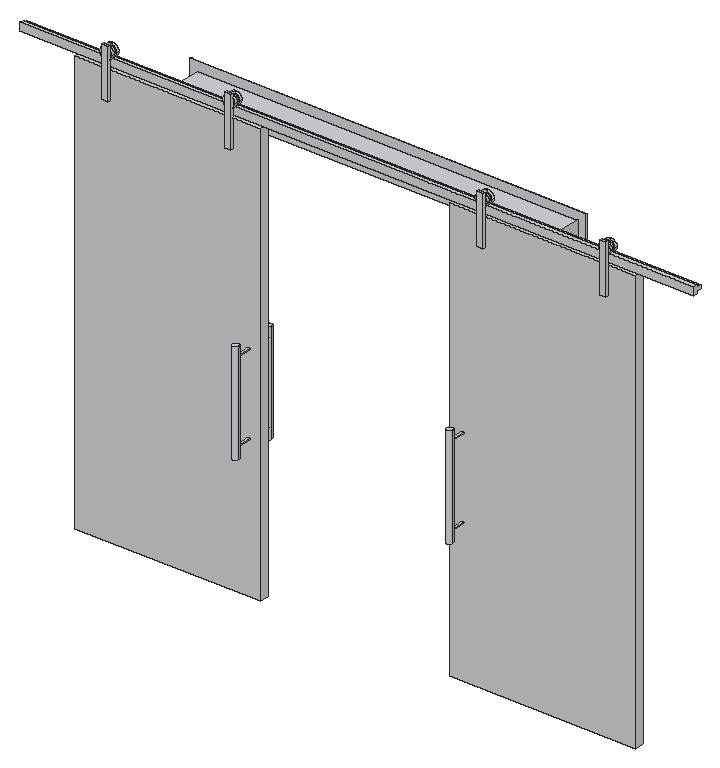
Revit family "Porta de correr com revestimento - 2 Painéis com trilho de aço inoxidável", category Portas, Revit 2019
Family settings
  Hospedeiro = Parede
  Número OmniClass = 23.30.10.00
  Título OmniClass = Doors
  Sempre na vertical = Sim
  Corte com vazios quando carregada = Não
  Compartilhado = Não
  Ponto de cálculo do ambiente = Não
Parameters (values of type "920 x 2100mm")
  Visual Light Transmittance = 0
  Largura da apara = 70 mm
  Espessura da apara = 10 mm
  Solar Heat Gain Coefficient = 0
  Comprimento da peça deslizante = Largura + Largura do painel * 2 + 90 mm  # 3810 mm
  Material da apara = none
  Espessura = 45 mm
  Largura bruta = Largura - 80 mm  # 1800 mm
  Rough Height = Height  # 2100 mm
  Material da peça deslizante = none
  Largura do painel = (Largura - 40 mm) / 2  # 920 mm
  Material do painel = none
  ID do tipo de construção = ""
  Coeficiente de transferência de calor (U) = 3.7021 W/(m²·K)
  Material do puxador = none
  Função = Interior
  Height = 2100 mm
  Fechamento da parede = Por hospedeiro
  Largura = 1880 mm
  Largura da estrutura = 50 mm
  Material da moldura = none
  Largura estendida = Largura do painel - 190 mm  # 730 mm
  Construction Type = ""
  Analytic Construction = (empty or 0)
Types (5, lengths in mm): name | Comprimento da peça deslizante | Largura bruta | Largura do painel | Largura | Largura estendida
  (no name) | 3810 | 1800 | 920 | 1880 | 730
  620 x 2100mm | 2610 | 1200 | 620 | 1280 | 430
  720 x 2100mm | 3010 | 1400 | 720 | 1480 | 530
  820 x 2100mm | 3410 | 1600 | 820 | 1680 | 630
  920 x 2100mm | 3810 | 1800 | 920 | 1880 | 730
Reference planes
  plane 1 "Centro (Frente/Trás)": y = 0
  plane 2 "Centro (Esquerda/Direita)": x = 0
  plane 3 "Esquerda": x = -940
  plane 4 "Direita": x = 940
  plane 5: z = 2100
  plane 6 "Exterior": y = 75
  plane 7 "Interior": y = -75
  plane 8: z = 0
  plane 9: z = 1050
  plane 10: y = -80
  plane 11: y = -125
  plane 12: z = 2150
  plane 13: x = -890
  plane 14: x = 1670
  plane 15: x = 2375
  plane 16: x = -470
  plane 17: x = 470
  plane 18: x = 1390
  plane 19: x = 610
  plane 20: x = 1250
  plane 21: x = -1390
  plane 22: x = -1670
  plane 23: x = -610
  plane 24: x = -1250
  plane 25: z = 2150
  plane 26: y = -105
  plane 27: z = 2165
  plane 28: y = -105
  plane 29: x = -530
  plane 30: x = 530
  plane 31: z = 900
  plane 32: x = -930
  plane 33: x = -792.5
  plane 34: x = -1067.5
  plane 35: through (-1067.5, -300, 1050) normal (-0.5, 0, 0.866)
  plane 36: through (-1067.5, -300, 1050) normal (0.5, 0, 0.866)
  plane 37: x = 930
  plane 38: x = 792.5
  plane 39: x = 1067.5
  plane 40: through (1067.5, -300, 1050) normal (-0.5, 0, -0.866)
  plane 41: through (1067.5, -300, 1050) normal (0.5, 0, -0.866)
Forms (mm)
  Sweep 1, solid, material <- "Material da moldura", detail levels medium+fine
    path origin (0, -75, 0) x (1, 0, 0) y (0, 0, 1)
      loop
        line (-940, 0) -> (-940, 2100) -> (940, 2100) -> (940, 0)
    profile origin (-940, -75, 1050) x (-1, 0, 0) y (0, -1, 0)
      loop
        line (0, -150) -> (0, 0) -> (-50, 0) -> (-50, -150) -> (0, -150)
  Sweep 2, solid, material <- "Material da apara"
    path origin (-1150, -75, 0) x (1, 0, 0) y (0, 0, 1)
      loop
        line (-520, 2145) -> (2820, 2145)
    profile origin (0, -75, 2145) x (0, 0, 1) y (0, -1, 0)
      loop
        line (0, 40) -> (-40, 40) -> (-40, 20) -> (-30, 20) -> (-30, 0) -> (-10, 0) -> (-10, 20) -> (0, 20) -> (0, 40)
  Extrusion 3, solid, material <- "Material do painel"
    sketch origin (0, 0, 0) x (1, 0, 0) y (0, 1, 0)
      loop
        line (470, -125) -> (1390, -125) -> (1390, -80) -> (470, -80) -> (470, -125)
    from 0 to 2100
  Extrusion 4, solid, material <- "Material do painel"
    sketch origin (0, 0, 0) x (1, 0, 0) y (0, 1, 0)
      loop
        line (-1390, -80) -> (-1390, -125) -> (-470, -125) -> (-470, -80) -> (-1390, -80)
    from 0 to 2100
  Sweep 5, solid, material <- "Material da apara", detail levels fine
    path origin (0, 75, 0) x (1, 0, 0) y (0, 0, 1)
      loop
        line (-940, 0) -> (-940, 2100) -> (940, 2100) -> (940, 0)
    profile "Perfil da apara : Perfil da apara" origin (940, 75, 1050) x (1, 0, 0) y (0, -1, 0)
      loop
        line (43, 0) -> (-27, 0) -> (-27, -10) -> (37, -10) -> (43, -4) -> (43, 0)
Lines and regions (mm)
  Opening 1
    outline origin (-3050, -75, 0) x (1, 0, 0) y (0, 0, 1)
      loop
        line (2110, 0) -> (3990, 0) -> (3990, 2100) -> (2110, 2100) -> (2110, 0)
  symbolic lines, style "Giro da elevação"
    curve 1: line (1390, -75, 2100) -> (470, -75, 0)
    curve 2: line (1390, -75, 0) -> (470, -75, 2100)
    curve 3: line (-470, -75, 2100) -> (-1390, -75, 0)
    curve 4: line (-470, -75, 0) -> (-1390, -75, 2100)
  symbolic lines, style "Seta"
    curve 5: line (-1067.5, -75, 1050) -> (-792.5, -75, 1050)
    curve 6: line (-1067.5, -75, 1050) -> (-989.558, -75, 1095)
    curve 7: line (-1067.5, -75, 1050) -> (-989.558, -75, 1005)
    curve 8: line (1067.5, -75, 1050) -> (792.5, -75, 1050)
    curve 9: line (1067.5, -75, 1050) -> (989.558, -75, 1095)
    curve 10: line (1067.5, -75, 1050) -> (989.558, -75, 1005)
  symbolic lines, style "Recortar", detail levels fine
    curve 11: line (0, -97.772, 2142.043) -> (0, -112.772, 2142.043)
    curve 12: line (0, -97.772, 2108.367) -> (0, -97.772, 2142.043)
    curve 13: line (0, -112.772, 2108.367) -> (0, -97.772, 2108.367)
    curve 14: line (0, -112.772, 2142.043) -> (0, -112.772, 2108.367)
    curve 15: line (0, -112.772, 2142.043) -> (0, -97.772, 2108.367)
    curve 16: line (0, -97.772, 2142.043) -> (0, -112.772, 2108.367)
Text (mm)
  text "Externo" at (-2295.016, 1099.543, 0), in view "Nível de referência"
  text "Externo" at (0, 1615.38, 3698.081), in view "Esquerda"
  text "Externo" at (0, 1036.032, 3874.932), in view "Direita"
Dimensions and locks
  equal spacing: plane 3 "Esquerda", plane 2 "Centro (Esquerda/Direita)", plane 4 "Direita"
  "Largura": plane 3 "Esquerda" to plane 4 "Direita"
  "Height": plane 5 to host wall
  host wall to plane 5 = 2100 mm  (x2)
  locked: plane 6 "Exterior" to host wall at 0
  locked: plane 7 "Interior" to host wall
  equal spacing: level, plane 9, plane 5
  locked: plane 7 "Interior" to plane 10 at 5
  "Espessura": plane 10 to plane 11
  locked: plane 12 to plane 5 at 50
  "Largura da estrutura": plane 3 "Esquerda" to plane 13
  plane 5 to plane 12 = 50 mm
  "Largura estendida": plane 4 "Direita" to plane 14
  "Largura do painel": plane 17 to plane 18
  locked: plane 19 to plane 17 at 140
  locked: plane 18 to plane 20 at 140
  "Largura do painel": plane 21 to plane 16
  equal spacing: plane 3 "Esquerda", plane 16, plane 2 "Centro (Esquerda/Direita)"
  equal spacing: plane 2 "Centro (Esquerda/Direita)", plane 17, plane 4 "Direita"
  "Largura estendida": plane 22 to plane 3 "Esquerda"
  locked: plane 16 to plane 23 at 140
  locked: plane 24 to plane 21 at 140
  locked: plane 26 to plane 11 at 20
  locked: plane 27 to plane 5 at 65
  locked: plane 28 to plane 11 at 20
  locked: plane 29 to plane 16 at 60
  locked: plane 17 to plane 30 at 60
  locked: plane 8 to plane 31 at 900
  equal spacing: plane 16, plane 32, plane 21
  locked: plane 34 to plane 33 at 275
  equal spacing: plane 34, plane 32, plane 33
  locked: curve 6 to curve 6 at 90
  locked: curve 7 to curve 7 at 90
  equal spacing: plane 17, plane 37, plane 18
  locked: plane 39 to plane 38 at 275
  equal spacing: plane 39, plane 37, plane 38
  locked: curve 9 to curve 9 at 90
  locked: curve 10 to curve 10 at 90
  locked: plane 9 to plane 35 (angle 30.00°)
  locked: plane 36 to plane 9 (angle 30.00°)
  locked: plane 40 to plane 9 (angle 30.00°)
  locked: plane 9 to plane 41 (angle 30.00°)
  aligned and locked: plane 3 "Esquerda" to Opening 1 sketch curve
  aligned and locked: plane 5 to Opening 1 sketch curve  (x2)
  aligned and locked: Opening 1 sketch curve to plane 4 "Direita"
  aligned and locked: Opening 1 sketch curve to level
  aligned and locked: plane 1 "Centro (Frente/Trás)" to host wall
  aligned and locked: level to plane 8
  aligned and locked: Sweep 1 sketch curve to plane 3 "Esquerda"
  aligned and locked: plane 4 "Direita" to Sweep 1 sketch curve
  aligned and locked: Sweep 1 sketch curve to plane 13
  aligned and locked: plane 6 "Exterior" to Sweep 1 sketch curve
  aligned and locked: Sweep 1 sketch curve to plane 7 "Interior"
  aligned and locked: Extrusion 3 to plane 17
  aligned and locked: plane 18 to Extrusion 3
  aligned and locked: Extrusion 3 to plane 10
  aligned and locked: Extrusion 3 to plane 11
  aligned and locked: Extrusion 3 to plane 5
  aligned and locked: level to curve 1
  aligned and locked: plane 17 to curve 1
  aligned and locked: level to curve 2
  aligned and locked: plane 18 to curve 2
  aligned and locked: plane 18 to curve 1
  aligned and locked: plane 5 to curve 1
  aligned and locked: plane 17 to curve 2
  aligned and locked: plane 5 to curve 2
  aligned and locked: nested 1 to plane 19
  aligned and locked: nested 2 to plane 20
  aligned and locked: Extrusion 4 sketch curve to plane 10
  aligned and locked: plane 11 to Extrusion 4 sketch curve
  aligned and locked: Extrusion 4 sketch curve to plane 16
  aligned and locked: plane 21 to Extrusion 4 sketch curve
  aligned and locked: Extrusion 4 to plane 5
  aligned and locked: level to curve 3
  aligned and locked: plane 21 to curve 3
  aligned and locked: level to curve 4
  aligned and locked: plane 16 to curve 4
  aligned and locked: plane 16 to curve 3
  aligned and locked: plane 5 to curve 3
  aligned and locked: plane 5 to curve 4
  aligned and locked: plane 21 to curve 4
  aligned and locked: Extrusion 4 to plane 11
  aligned and locked: plane 10 to Extrusion 4
  aligned and locked: plane 14 to Sweep 2
  aligned and locked: plane 22 to Sweep 2 sketch curve
  aligned and locked: plane 14 to Sweep 2 sketch curve
  aligned and locked: plane 23 to nested 3
  aligned and locked: nested 4 to plane 24
  aligned and locked: plane 25 to plane 12
  aligned and locked: plane 27 to nested 4
  aligned and locked: plane 27 to nested 3
  aligned and locked: plane 27 to nested 1
  aligned and locked: plane 27 to nested 2
  aligned and locked: plane 11 to nested 4
  aligned and locked: nested 4 to Sweep 2
  aligned and locked: plane 11 to nested 3
  aligned and locked: nested 3 to Sweep 2
  aligned and locked: plane 11 to nested 1
  aligned and locked: nested 1 to Sweep 2
  aligned and locked: plane 11 to nested 2
  aligned and locked: nested 2 to Sweep 2
  aligned and locked: nested 4 to Sweep 2 sketch curve
  aligned and locked: Sweep 2 sketch curve to nested 4  (x2)
  aligned and locked: Sweep 1 sketch curve to plane 5
  aligned and locked: plane 29 to nested 5
  aligned and locked: plane 11 to nested 5
  aligned and locked: plane 30 to nested 6
  aligned and locked: plane 11 to nested 6
  aligned and locked: plane 31 to nested 6
  aligned and locked: plane 31 to nested 5
  aligned and locked: curve 6 to plane 35
  aligned and locked: plane 36 to curve 7
  aligned and locked: plane 40 to curve 9
  aligned and locked: curve 10 to plane 41
  aligned and locked: plane 4 "Direita" to Sweep 5 sketch curve
  aligned and locked: plane 5 to Sweep 5 sketch curve
  aligned and locked: plane 3 "Esquerda" to Sweep 5 sketch curve
Automatic sketch dimensions
  Sweep 1 sketch curve to level = 0 mm  (x2)
  Sweep 1 sketch curve to profile plane = 0 mm
  Sweep 2 sketch curve to plane 12 = 5 mm
  Sweep 2 sketch curve to plane 7 "Interior" = 0 mm
  profile plane to Sweep 2 sketch curve = 0 mm
  profile plane to Sweep 2 sketch curve = 10 mm
  Sweep 2 sketch curve to Sweep 2 sketch curve = 20 mm
  Sweep 2 sketch curve to Sweep 2 sketch curve = 10 mm
  Extrusion 3 sketch curve to plane 10 = 0 mm
  Extrusion 3 sketch curve to plane 17 = 0 mm
  Extrusion 3 sketch curve to plane 18 = 0 mm
  plane 11 to Extrusion 3 sketch curve = 0 mm
  curve 5 to plane 33 = 0 mm
  plane 38 to curve 8 = 0 mm
  curve 14 to plane 26 = 7.772 mm
  plane 26 to curve 12 = 7.228 mm
  curve 16 to plane 5 = 8.367 mm
  curve 11 to plane 12 = 7.957 mm
  Sweep 5 sketch curve to level = 0 mm  (x2)
Nested families
  nested 1: "Peça deslizante da porta" at (623.971, -95, 2165), Frame Material <- "Construction Type", type "Peça deslizante da porta", detail levels medium+fine
  nested 2: "Peça deslizante da porta" at (1233.971, -95, 2165), Frame Material <- "Construction Type", type "Peça deslizante da porta", detail levels medium+fine
  nested 3: "Peça deslizante da porta" at (-626.029, -95, 2165), Frame Material <- "Construction Type", type "Peça deslizante da porta", detail levels medium+fine
  nested 4: "Peça deslizante da porta" at (-1236.029, -95, 2165), Frame Material <- "Construction Type", type "Peça deslizante da porta", detail levels medium+fine
  nested 5: "Maçaneta da porta 4" at (-530, -102.5, 900), type "Altura 500 mm", detail levels fine
  nested 6: "Maçaneta da porta 4" at (530, -102.5, 900), type "Altura 500 mm", detail levels fine
Definition of nested family "Peça deslizante da porta"
  Parameters
    Material da peça deslizante = none
    Espessura do painel = 45 mm
  Reference planes
    plane 1 "Centro (Frente/Trás)": y = 0
    plane 2: z = 0
    plane 3 "Centro (Esquerda/Direita)": x = 0
    plane 4: y = 0
    plane 5: y = -10
    plane 6: y = -20
    plane 7: y = -30
    plane 8: z = 30
    plane 9: z = 40
    plane 10: z = -205
    plane 11: y = 10
    plane 12: y = -40
    plane 13: z = -20
  Forms (mm)
    Extrusion 1, solid, material <- "Material da peça deslizante"
      sketch origin (0, 0, 0) x (1, 0, 0) y (0, 0, 1)
        loop
          circle (0, 0) r 30
      from -10 to 0
    Extrusion 2, solid, material <- "Material da peça deslizante"
      sketch origin (0, 0, 0) x (1, 0, 0) y (0, 0, 1)
        loop
          circle (0, 0) r 20
      from 0 to 20
    Extrusion 3, solid, material <- "Material da peça deslizante"
      sketch origin (0, 0, 0) x (1, 0, 0) y (0, 0, 1)
        loop
          line (16.029, 40) -> (-13.971, 40) -> (-13.971, -205) -> (16.029, -205) -> (16.029, 40)
      from 30 to 40
    Extrusion 4, solid, material <- "Material da peça deslizante"
      sketch origin (0, 0, 0) x (1, 0, 0) y (0, 0, 1)
        loop
          circle (0, 0) r 30
      from 20 to 30
  Dimensions and locks
    locked: plane 9 to plane 8 at 10
    locked: plane 9 to plane 10 at 245
    plane 2 to plane 13 = 20 mm
    aligned and locked: level to plane 2
    aligned and locked: plane 4 to Extrusion 1
    aligned and locked: Extrusion 2 to plane 4
    aligned and locked: plane 9 to Extrusion 3
    aligned and locked: Extrusion 3 to plane 10
    aligned and locked: plane 11 to Extrusion 1
    aligned and locked: Extrusion 4 to plane 6
    aligned and locked: plane 7 to Extrusion 4
Definition of nested family "Maçaneta da porta 4"
  Parameters
    Espessura do painel = 45 mm
    Material do puxador = none
    Raio do puxador = 15 mm
    Altura do puxador = 500 mm
    Profundidade do puxador = 80 mm
    Raio do conector = 5 mm
    Altura do conector = Altura do puxador - 100 mm  # 400 mm
    Assembly Code = ""
  Reference planes
    plane 1 "Centro (Frente/Trás)": y = 0
    plane 2: z = 0
    plane 3 "Centro (Esquerda/Direita)": x = 0
    plane 4: z = 250
    plane 5: y = -102.5
    plane 6: z = -250
    plane 7: z = 200
    plane 8: z = -200
    plane 9: y = -22.5
    plane 10: y = 22.5
    plane 11: y = 102.5
  Forms (mm)
    Extrusion 1, solid, material <- "Material do puxador"
      sketch origin (0, -30.569, 0) x (1, 0, 0) y (0, 1, 0)
        loop
          circle (0, -71.931) r 15
      from -250 to 250
    Extrusion 2, solid, material <- "Material do puxador"
      sketch origin (0, 0, 0) x (1, 0, 0) y (0, 0, 1)
        loop
          circle (0, 200) r 5
        loop
          circle (0, -200) r 5
      from 22.5 to 102.5
    Extrusion 3, solid, material <- "Material do puxador"
      sketch origin (0, 0, 0) x (1, 0, 0) y (0, 0, -1)
        loop
          circle (0, -200) r 5
        loop
          circle (0, 200) r 5
      from 22.5 to 102.5
    Extrusion 4, solid, material <- "Material do puxador"
      sketch origin (0, 30.569, 0) x (1, 0, 0) y (0, 1, 0)
        loop
          circle (0, 71.931) r 15
      from -250 to 250
  Dimensions and locks
    equal spacing: plane 4, plane 2, plane 6
    "Altura do puxador": plane 4 to plane 6
    equal spacing: plane 7, plane 2, plane 8
    "Altura do conector": plane 7 to plane 8
    equal spacing: plane 9, plane 1 "Centro (Frente/Trás)", plane 10
    "Profundidade do puxador": plane 9 to plane 5
    "Profundidade do puxador": plane 10 to plane 11
    "Espessura do painel": plane 9 to plane 10
    "Raio do puxador": radius of Extrusion 1 sketch curve
    "Raio do conector": radius of Extrusion 2 sketch curve  (x2)
    "Raio do conector": radius of Extrusion 3 sketch curve  (x2)
    "Raio do puxador": radius of Extrusion 4 sketch curve
    aligned and locked: plane 6 to Extrusion 1
    aligned and locked: plane 4 to Extrusion 1
    aligned: Extrusion 2 to plane 5
    aligned and locked: Extrusion 2 to plane 5  (x2)
    aligned and locked: plane 9 to Extrusion 2
    aligned and locked: plane 5 to Extrusion 1 sketch curve
    aligned and locked: plane 3 "Centro (Esquerda/Direita)" to Extrusion 1 sketch curve
    aligned and locked: Extrusion 2 to plane 9  (x2)
    aligned and locked: plane 10 to Extrusion 3
    aligned and locked: Extrusion 3 to plane 11
    aligned and locked: plane 11 to Extrusion 4 sketch curve
    aligned and locked: plane 3 "Centro (Esquerda/Direita)" to Extrusion 4 sketch curve
    aligned and locked: plane 4 to Extrusion 4
    aligned and locked: plane 6 to Extrusion 4
  Automatic sketch dimensions
    Extrusion 2 sketch curve to plane 3 "Centro (Esquerda/Direita)" = 0 mm  (x2)
    Extrusion 2 sketch curve to plane 8 = 0 mm
    Extrusion 2 sketch curve to plane 7 = 0 mm
    Extrusion 3 sketch curve to plane 3 "Centro (Esquerda/Direita)" = 0 mm  (x2)
    Extrusion 3 sketch curve to plane 7 = 0 mm
    Extrusion 3 sketch curve to plane 8 = 0 mm
